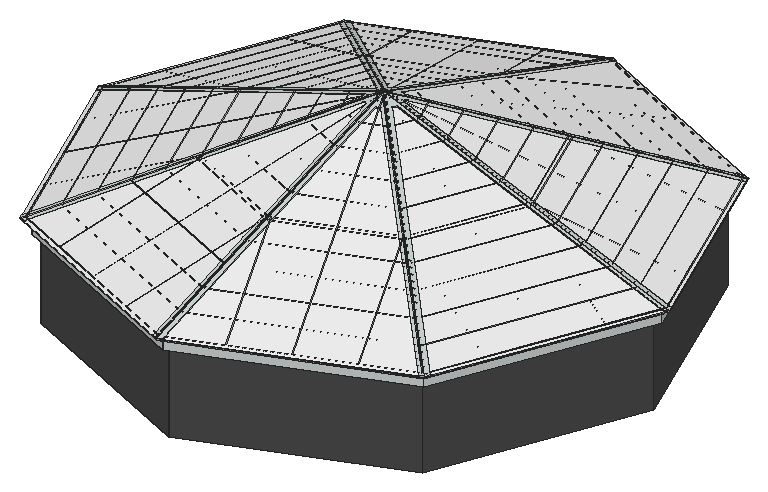
Revit family "Straight Rafter Circular Skylight", category Generic Models, host Roof, Revit 2018 (continued)
Definition of nested family "Straight Rafter Circular Panels Setup"
  Definition of nested family "Straight Rafter Circular Panels"
    Dimensions and locks (in)
      aligned and locked: Sweep 4 sketch curve to plane 77
      aligned and locked: Sweep 4 sketch curve to plane 78
      aligned and locked: Sweep 4 sketch curve to plane 79
      aligned and locked: Sweep 4 sketch curve to plane 80
      aligned and locked: Sweep 4 sketch curve to plane 81
      aligned and locked: Sweep 4 sketch curve to plane 82
      aligned and locked: Sweep 4 sketch curve to plane 83
      aligned and locked: Sweep 4 sketch curve to plane 84
      aligned and locked: Sweep 4 sketch curve to plane 85
      aligned and locked: Sweep 4 sketch curve to plane 86
      aligned and locked: Sweep 4 sketch curve to plane 87
Types (13): name | KCRF
  KCRF Aluminum #79 | KCRF Aluminum #79
  KCRF Banner Red #90 | KCRF Banner Red #90
  KCRF Black #95 | KCRF Black #95
  KCRF Blue #15 | KCRF Blue #15
  KCRF Bone White #21B | KCRF Bone White #21B
  KCRF Brick #88 | KCRF Brick #88
  KCRF Bronze #85 | KCRF Bronze #85
  KCRF Coro Blue #48 | KCRF Coro Blue #48
  KCRF Gray #80 | KCRF Gray #80
  KCRF Hartford Green #75 | KCRF Hartford Green #75
  KCRF Minuette #03 | KCRF Minuette #03
  KCRF Mountain Green #70 | KCRF Mountain Green #70
  KCRF White #00 | KCRF White #00
